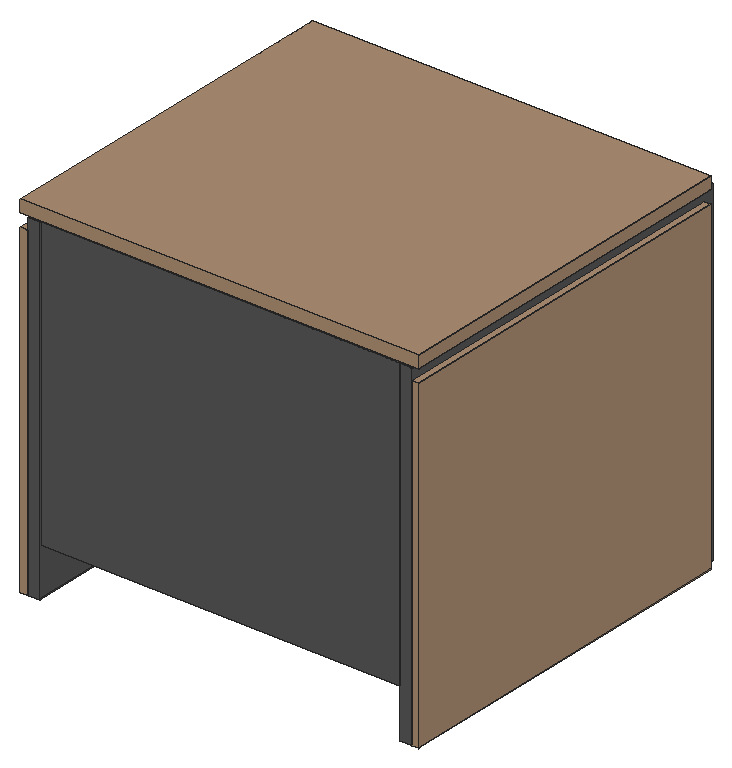
Revit family "Sanitary_Compound-Units_hansgrohe_54251XXX-Xilesa-E-Vanity-unit_530-470_1-drawer_wash-basin", category Furniture, host Face, Revit 2022
Family settings
  Host = Face
  OmniClass Number = 23.21.19.15.33.13
  OmniClass Title = Residential Bathroom Specialty Casework
  Cut with Voids When Loaded = No
  Render Appearance Source = Family Geometry
  Shared = No
  Room Calculation Point = No
Parameters (values of type "550 Cashmere Oak")
  Version = 1  # constant formula
  URL = "https://www.hansgrohe.com/"
  Product data url = "https://www.bimobject.com/en/hansgrohe/product/54251XXX"
  Product Page URL = "https://www.hansgrohe.com/articledetail--54251550"
  Model = "54251XXX"  # constant formula
  Material 3 = Hansgrohe - Metal - Black
  Material 2 = Hansgrohe - MDF - Matt Black
  Material 1 = Hansgrohe - MDF - 550 Cashmere Oak
  Manufacturer = "Hansgrohe"  # constant formula
  Height = 0 mm
  Description = "Xilesa E Vanity unit 530/470 with 1 drawer for wash basin"  # constant formula
  Default Elevation = 0 mm
  Date Updated = ""
  Date Created = "2024/02/03"  # constant formula
Types (5, lengths in mm): name | Material 1
  (no name) | Hansgrohe - MDF - 550 Cashmere Oak
  550 Cashmere Oak | Hansgrohe - MDF - 550 Cashmere Oak
  700 Matt White | Hansgrohe - MDF - 700 Matt White
  760 Slate Matt Grey | Hansgrohe - MDF - 760 Slate Matt Grey
  780 Sand Matt Beige | Hansgrohe - MDF - 780 Sand Matt Beige
Reference planes
  plane 1 "Center (Front/Back)": y = 0
  plane 2: z = 0
  plane 3 "Center (Left/Right)": x = 0
  plane 4: x = -265
  plane 5: y = -500
  plane 6: z = 468
  plane 7: x = 265
Dimensions and locks
  aligned and locked: plane 2 to host face
  aligned and locked: level to host face
Nested families
  nested 1: "54251XXX" at (0, -500, 0) x (1, 0, 0) z (0, 1, 0), Material 1 <- "Material 1", Material 2 <- "Material 2", Material 3 <- "Material 3", type "54251XXX"
    with Material 3 Hansgrohe - Metal - Black, Material 2 Hansgrohe - MDF - Matt Black, Material 1 Hansgrohe - MDF - 550 Cashmere Oak
Definition of nested family "54251XXX"
  Parameters (values of type "54251XXX")
    Version = 1  # constant formula
    URL = "https://www.hansgrohe.com/"
    Product data url = "https://www.bimobject.com/en/hansgrohe/product/54251XXX"
    Product Page URL = "https://www.hansgrohe.com/articledetail--54251550"
    Model = "54251XXX"  # constant formula
    Material 3 [instance] = none
    Material 2 [instance] = none
    Material 1 [instance] = none
    Manufacturer = "Hansgrohe"  # constant formula
    Description = "Xilesa E Vanity unit 530/470 with 1 drawer for wash basin"  # constant formula
    Default Elevation = 1219.2 mm
    Date Updated = ""
    Date Created = "2024/12/16"  # constant formula
  Reference planes
    plane 1 "Center (Front/Back)": y = 0
    plane 2: z = 0
    plane 3 "Center (Left/Right)": x = 0
  Forms (mm)
    Extrusion 1, solid, material <- "Material 1", detail levels medium+fine
      sketch origin (0, 0, 0) x (1, 0, 0) y (0, 1, 0)
        loop
          line (-255.6, 0) -> (-264.2, 0)
          arc (-264.2, 0) -> (-264.766, -0.234) -> (-265, -0.8) r 0.8
          line (-265, -0.8) -> (-265, -433.9)
          arc (-265, -433.9) -> (-264.766, -434.466) -> (-264.2, -434.7) r 0.8
          line (-264.2, -434.7) -> (-255.6, -434.7)
          arc (-255.6, -434.7) -> (-255.034, -434.466) -> (-254.8, -433.9) r 0.8
          line (-254.8, -433.9) -> (-254.8, -0.8)
          arc (-254.8, -0.8) -> (-255.034, -0.234) -> (-255.6, 0) r 0.8
        loop
          arc (255.6, 0) -> (255.034, -0.234) -> (254.8, -0.8) r 0.8
          line (254.8, -0.8) -> (254.8, -433.9)
          arc (254.8, -433.9) -> (255.034, -434.466) -> (255.6, -434.7) r 0.8
          line (255.6, -434.7) -> (264.2, -434.7)
          arc (264.2, -434.7) -> (264.766, -434.466) -> (265, -433.9) r 0.8
          line (265, -433.9) -> (265, -0.8)
          arc (265, -0.8) -> (264.766, -0.234) -> (264.2, 0) r 0.8
          line (264.2, 0) -> (255.6, 0)
      from 0 to 485
    Extrusion 2, solid, material <- "Material 1", detail levels medium+fine
      sketch origin (0, -90, 0) x (1, 0, 0) y (0, 1, 0)
        loop
          line (-264.2, -378) -> (264.2, -378)
          arc (264.2, -378) -> (264.766, -377.766) -> (265, -377.2) r 0.8
          line (265, -377.2) -> (265, -362.5)
          arc (265, -362.5) -> (264.766, -361.934) -> (264.2, -361.7) r 0.8
          line (264.2, -361.7) -> (-264.2, -361.7)
          arc (-264.2, -361.7) -> (-264.766, -361.934) -> (-265, -362.5) r 0.8
          line (-265, -362.5) -> (-265, -377.2)
          arc (-265, -377.2) -> (-264.766, -377.766) -> (-264.2, -378) r 0.8
      from 0 to 485
    Extrusion 3, solid, material <- "Material 2", detail levels medium+fine
      sketch origin (0, 0, 0) x (1, 0, 0) y (0, 1, 0)
        loop
          line (-254.8, -0.8) -> (-254.8, -448.9)
          arc (-254.8, -448.9) -> (-254.566, -449.466) -> (-254, -449.7) r 0.8
          line (-254, -449.7) -> (-239.6, -449.7)
          arc (-239.6, -449.7) -> (-239.034, -449.466) -> (-238.8, -448.9) r 0.8
          line (-238.8, -448.9) -> (-238.8, -0.8)
          arc (-238.8, -0.8) -> (-239.034, -0.234) -> (-239.6, 0) r 0.8
          line (-239.6, 0) -> (-254, 0)
          arc (-254, 0) -> (-254.566, -0.234) -> (-254.8, -0.8) r 0.8
        loop
          arc (254.8, -0.8) -> (254.566, -0.234) -> (254, 0) r 0.8
          line (254, 0) -> (239.6, 0)
          arc (239.6, 0) -> (239.034, -0.234) -> (238.8, -0.8) r 0.8
          line (238.8, -0.8) -> (238.8, -448.9)
          arc (238.8, -448.9) -> (239.034, -449.466) -> (239.6, -449.7) r 0.8
          line (239.6, -449.7) -> (254, -449.7)
          arc (254, -449.7) -> (254.566, -449.466) -> (254.8, -448.9) r 0.8
          line (254.8, -448.9) -> (254.8, -0.8)
      from 0 to 500
    Extrusion 4, solid, material <- "Material 2", detail levels fine
      sketch origin (0, 0, 0) x (1, 0, 0) y (0, 1, 0)
        loop
          line (-238.8, -65.2) -> (-238.8, -81.2) -> (238.8, -81.2) -> (238.8, -65.2) -> (-238.8, -65.2)
      from 17 to 125
    Extrusion 5, solid, material <- "Material 2", detail levels fine
      sketch origin (0, 0, 0) x (1, 0, 0) y (0, 1, 0)
        loop
          line (-238.8, -64.7) -> (-238.8, -449.7) -> (238.8, -449.7) -> (238.8, -64.7) -> (-238.8, -64.7)
      from 1 to 17
    Extrusion 6, solid, material <- "Material 3", detail levels fine
      sketch origin (0, -90, 0) x (1, 0, 0) y (0, 1, 0)
        loop
          line (-237.3, -356.9) -> (-237.3, -329.2) -> (-238.8, -329.2) -> (-238.8, -356.9)
          arc (-238.8, -356.9) -> (-238.126, -358.527) -> (-236.5, -359.2) r 2.3
          line (-236.5, -359.2) -> (236.5, -359.2)
          arc (236.5, -359.2) -> (238.126, -358.527) -> (238.8, -356.9) r 2.3
          line (238.8, -356.9) -> (238.8, -329.2) -> (237.3, -329.2) -> (237.3, -356.9)
          arc (237.3, -356.9) -> (237.066, -357.466) -> (236.5, -357.7) r 0.8
          line (236.5, -357.7) -> (-236.5, -357.7)
          arc (-236.5, -357.7) -> (-237.066, -357.466) -> (-237.3, -356.9) r 0.8
      from 449.5 to 499.5
    Extrusion 7, solid, material <- "Material 2", detail levels fine
      sketch origin (0, 0, 1) x (1, 0, 0) y (0, 0, 1)
        loop
          line (-172.898, 33.98) -> (172.898, 33.98) -> (197.898, 33.98) -> (197.898, 48.98) -> (-197.898, 48.98) -> (-197.898, 33.98) -> (-172.898, 33.98)
      from 108.7 to 451.7
    Extrusion 8, solid, material <- "Material 3", detail levels fine
      sketch origin (25, 0, 1) x (1, 0, 0) y (0, 0, 1)
        loop
          line (198.3, 213.03) -> (198.3, 231.03) -> (183.3, 231.03) -> (183.3, 224.03) -> (192.95, 224.03) -> (192.95, 213.03) -> (198.3, 213.03)
      from 88.7 to 362.7
    Extrusion 9, solid, material <- "Material 3", detail levels fine
      sketch origin (25, 0, 1) x (1, 0, 0) y (0, 0, 1)
        loop
          line (200.05, 211.28) -> (200.05, 232.78) -> (181.55, 232.78) -> (181.55, 211.28) -> (200.05, 211.28)
      from 451.7 to 362.7
    Extrusion 10, solid, material <- "Material 3", detail levels fine
      sketch origin (0, 0, 1) x (1, 0, 0) y (0, 0, 1)
        loop
          line (-217.5, 223.8) -> (-217.5, 113.608) -> (-223.2, 97.947) -> (-223.2, 48) -> (-194.9, 48) -> (-194.9, 223.8) -> (-217.5, 223.8)
        loop
          line (217.5, 223.8) -> (194.9, 223.8) -> (194.9, 48) -> (223.2, 48) -> (223.2, 97.947) -> (217.5, 113.608) -> (217.5, 223.8)
      from 91.9 to 109.4
    Extrusion 11, void
      sketch origin (0, 0, 1) x (1, 0, 0) y (0, 0, 1)
        loop
          line (-216.5, 222.8) -> (-216.5, 113.431) -> (-222.2, 97.771) -> (-222.2, 49) -> (-195.9, 49) -> (-195.9, 222.8) -> (-216.5, 222.8)
        loop
          line (216.5, 222.8) -> (195.9, 222.8) -> (195.9, 49) -> (222.2, 49) -> (222.2, 97.771) -> (216.5, 113.431) -> (216.5, 222.8)
      from 91.9 to 108.7
    Extrusion 12, solid, material <- "Material 2", detail levels fine
      sketch origin (0, 0, 1) x (0, 1, 0) y (0, 0, 1)
        loop
          line (-92.7, 32.5) -> (-92.7, 113.5)
          arc (-92.7, 113.5) -> (-92.847, 113.854) -> (-93.2, 114) r 0.5
          line (-93.2, 114) -> (-108.2, 114)
          arc (-108.2, 114) -> (-108.554, 113.854) -> (-108.7, 113.5) r 0.5
          line (-108.7, 113.5) -> (-108.7, 32.5)
          arc (-108.7, 32.5) -> (-108.554, 32.146) -> (-108.2, 32) r 0.5
          line (-108.2, 32) -> (-93.2, 32)
          arc (-93.2, 32) -> (-92.847, 32.146) -> (-92.7, 32.5) r 0.5
      from -195 to 195
    Extrusion 13, solid, material <- "Material 3", detail levels fine
      sketch origin (-25, 0, 1) x (-1, 0, 0) y (0, 0, -1)
        loop
          line (198.3, -213.03) -> (192.95, -213.03) -> (192.95, -224.03) -> (183.3, -224.03) -> (183.3, -231.03) -> (198.3, -231.03) -> (198.3, -213.03)
      from 88.7 to 362.7
    Extrusion 14, solid, material <- "Material 3", detail levels fine
      sketch origin (-25, 0, 1) x (-1, 0, 0) y (0, 0, -1)
        loop
          line (200.05, -211.28) -> (181.55, -211.28) -> (181.55, -232.78) -> (200.05, -232.78) -> (200.05, -211.28)
      from 451.7 to 362.7
    Extrusion 15, solid, material <- "Material 1", detail levels coarse
      sketch origin (0, 0, 0) x (1, 0, 0) y (0, 1, 0)
        loop
          line (-265, -468) -> (265, -468) -> (265, 0) -> (238.8, 0) -> (238.8, -451.7) -> (-238.8, -451.7) -> (-238.8, 0) -> (-265, 0) -> (-265, -468)
      from 0 to 500
    Extrusion 16, solid, material <- "Material 3", detail levels fine
      sketch origin (0, 0, 1) x (1, 0, 0) y (0, 0, 1)
        loop
          line (227.091, 33.98) -> (227.091, 115.48) -> (208.591, 115.48) -> (207.786, 100.114) -> (205.22, 99.98) -> (202.791, 53.623)
          arc (202.791, 53.623) -> (201.271, 50.325) -> (197.898, 48.98) r 4.9
          line (197.898, 48.98) -> (197.898, 33.98) -> (227.091, 33.98)
        loop
          line (-227.091, 33.98) -> (-197.898, 33.98) -> (-197.898, 48.98)
          arc (-197.898, 48.98) -> (-201.271, 50.325) -> (-202.791, 53.623) r 4.9
          line (-202.791, 53.623) -> (-205.22, 99.98) -> (-207.786, 100.114) -> (-208.591, 115.48) -> (-227.091, 115.48) -> (-227.091, 33.98)
      from 109.4 to 451.7
  Cuts and joins
    Extrusion 11 cuts Extrusion 10
  Lines and regions (mm)
    Masking region 1
      outline origin (0, 0, 0) x (1, 0, 0) y (0, 1, 0)
        loop
          line (-265, -0.8) -> (-265, -433.9)
          arc (-265, -433.9) -> (-264.766, -434.466) -> (-264.2, -434.7) r 0.8
          line (-264.2, -434.7) -> (-255.6, -434.7)
          arc (-255.6, -434.7) -> (-255.034, -434.466) -> (-254.8, -433.9) r 0.8
          line (-254.8, -433.9) -> (-254.8, -451.7) -> (-264.2, -451.7)
          arc (-264.2, -451.7) -> (-264.766, -451.934) -> (-265, -452.5) r 0.8
          line (-265, -452.5) -> (-265, -467.2)
          arc (-265, -467.2) -> (-264.766, -467.766) -> (-264.2, -468) r 0.8
          line (-264.2, -468) -> (0, -468) -> (264.2, -468)
          arc (264.2, -468) -> (264.766, -467.766) -> (265, -467.2) r 0.8
          line (265, -467.2) -> (265, -452.5)
          arc (265, -452.5) -> (264.766, -451.934) -> (264.2, -451.7) r 0.8
          line (264.2, -451.7) -> (254.8, -451.7) -> (254.8, -433.9)
          arc (254.8, -433.9) -> (255.034, -434.466) -> (255.6, -434.7) r 0.8
          line (255.6, -434.7) -> (264.2, -434.7)
          arc (264.2, -434.7) -> (264.766, -434.466) -> (265, -433.9) r 0.8
          line (265, -433.9) -> (265, -0.8)
          arc (265, -0.8) -> (264.766, -0.234) -> (264.2, 0) r 0.8
          line (264.2, 0) -> (255.6, 0)
          arc (255.6, 0) -> (255.034, -0.234) -> (254.8, -0.8) r 0.8
          arc (254.8, -0.8) -> (254.566, -0.234) -> (254, 0) r 0.8
          line (254, 0) -> (239.6, 0)
          arc (239.6, 0) -> (239.034, -0.234) -> (238.8, -0.8) r 0.8
          line (238.8, -0.8) -> (238.8, -65.2) -> (0, -65.2) -> (-238.8, -65.2) -> (-238.8, -0.8)
          arc (-238.8, -0.8) -> (-239.034, -0.234) -> (-239.6, 0) r 0.8
          line (-239.6, 0) -> (-254, 0)
          arc (-254, 0) -> (-254.566, -0.234) -> (-254.8, -0.8) r 0.8
          arc (-254.8, -0.8) -> (-255.034, -0.234) -> (-255.6, 0) r 0.8
          line (-255.6, 0) -> (-264.2, 0)
          arc (-264.2, 0) -> (-264.766, -0.234) -> (-265, -0.8) r 0.8
    Masking region 2
      outline origin (0, 0, 0) x (0, 1, 0) y (0, 0, 1)
        loop
          line (-449.7, 500) -> (-449.7, 233.78) -> (-451.7, 233.78) -> (-451.7, 485) -> (-468, 485) -> (-468, 0) -> (-451.7, 0) -> (-451.7, 34.98) -> (-449.7, 34.98) -> (-449.7, 0) -> (0, 0) -> (0, 500) -> (-449.7, 500)
    Masking region 3
      outline origin (0, 0, 0) x (1, 0, 0) y (0, 0, 1)
        loop
          line (-265, 485) -> (-265, 0) -> (0, 0) -> (265, 0) -> (265, 485) -> (254.8, 485) -> (254.8, 500) -> (0, 500) -> (-254.8, 500) -> (-254.8, 485) -> (-265, 485)
    symbolic lines, detail levels medium+fine
      curve 1: line (-254.8, -451.7, 0) -> (0, -451.7, 0)
      curve 2: line (-238.8, -65.2, 0) -> (-238.8, -451.7, 0)
      curve 3: line (-254.8, -0.8, 0) -> (-254.8, -433.9, 0)
      curve 4: line (-238.8, -81.2, 0) -> (0, -81.2, 0)
      curve 25: line (254.8, -451.7, 0) -> (0, -451.7, 0)
      curve 26: line (238.8, -65.2, 0) -> (238.8, -451.7, 0)
      curve 27: line (254.8, -0.8, 0) -> (254.8, -433.9, 0)
      curve 28: line (238.8, -81.2, 0) -> (0, -81.2, 0)
      curve 49: line (0, -451.7, 34.98) -> (0, -451.7, 233.78)
      curve 50: line (0, -449.7, 233.78) -> (0, -449.7, 34.98)
      curve 53: line (0, -451.7, 211.28) -> (0, -449.7, 211.28)
      curve 54: line (0, -451.7, 116.48) -> (0, -449.7, 116.48)
      curve 55: line (-254.8, 0, 485) -> (255.6, 0, 485)
      curve 56: line (-238.8, 0, 500) -> (-238.8, 0, 485)
      curve 57: line (238.8, 0, 500) -> (238.8, 0, 485)
    symbolic lines, detail levels fine
      curve 5: line (-227.091, -81.2, 0) -> (-227.091, -447.7, 0)
      curve 6: line (-205.22, -81.2, 0) -> (-205.22, -91.9, 0)
      curve 7: line (0, -91.9, 0) -> (-208.3, -91.9, 0)
      curve 8: line (-208.3, -109.4, 0) -> (0, -109.4, 0)
      curve 9: line (-223.3, -88.7, 0) -> (-223.3, -361.7, 0)
      curve 10: line (-208.3, -88.7, 0) -> (-223.3, -88.7, 0)
      curve 11: line (-225.05, -361.7, 0) -> (-225.05, -447.7, 0)
      curve 12: line (-225.05, -361.7, 0) -> (-206.55, -361.7, 0)
      curve 13: line (-206.55, -361.7, 0) -> (-206.55, -447.7, 0)
      curve 14: line (0, -447.7, 0) -> (-236.5, -447.7, 0)
      curve 15: arc (-236.5, -447.7, 0) -> (-237.066, -447.466, 0) -> (-237.3, -446.9, 0) r 0.8
      curve 16: line (-237.3, -446.9, 0) -> (-237.3, -419.2, 0)
      curve 17: line (-237.3, -419.2, 0) -> (-238.8, -419.2, 0)
      curve 18: arc (-238.8, -446.9, 0) -> (-238.126, -448.527, 0) -> (-236.5, -449.2, 0) r 2.3
      curve 19: line (-236.5, -449.2, 0) -> (0, -449.2, 0)
      curve 20: line (-227.091, -449.2, 0) -> (-227.091, -451.7, 0)
      curve 21: line (-225.05, -449.2, 0) -> (-225.05, -451.7, 0)
      curve 22: line (-208.3, -361.7, 0) -> (-208.3, -88.7, 0)
      curve 23: line (-206.55, -449.2, 0) -> (-206.55, -451.7, 0)
      curve 24: line (-205.22, -449.2, 0) -> (-205.22, -451.7, 0)
      curve 29: line (227.091, -81.2, 0) -> (227.091, -447.7, 0)
      curve 30: line (205.22, -81.2, 0) -> (205.22, -91.9, 0)
      curve 31: line (0, -91.9, 0) -> (208.3, -91.9, 0)
      curve 32: line (208.3, -109.4, 0) -> (0, -109.4, 0)
      curve 33: line (223.3, -88.7, 0) -> (223.3, -361.7, 0)
      curve 34: line (208.3, -88.7, 0) -> (223.3, -88.7, 0)
      curve 35: line (225.05, -361.7, 0) -> (225.05, -447.7, 0)
      curve 36: line (225.05, -361.7, 0) -> (206.55, -361.7, 0)
      curve 37: line (206.55, -361.7, 0) -> (206.55, -447.7, 0)
      curve 38: line (0, -447.7, 0) -> (236.5, -447.7, 0)
      curve 39: arc (236.5, -447.7, 0) -> (237.066, -447.466, 0) -> (237.3, -446.9, 0) r 0.8
      curve 40: line (237.3, -446.9, 0) -> (237.3, -419.2, 0)
      curve 41: line (237.3, -419.2, 0) -> (238.8, -419.2, 0)
      curve 42: arc (238.8, -446.9, 0) -> (238.126, -448.527, 0) -> (236.5, -449.2, 0) r 2.3
      curve 43: line (236.5, -449.2, 0) -> (0, -449.2, 0)
      curve 44: line (227.091, -449.2, 0) -> (227.091, -451.7, 0)
      curve 45: line (225.05, -449.2, 0) -> (225.05, -451.7, 0)
      curve 46: line (208.3, -361.7, 0) -> (208.3, -88.7, 0)
      curve 47: line (206.55, -449.2, 0) -> (206.55, -451.7, 0)
      curve 48: line (205.22, -449.2, 0) -> (205.22, -451.7, 0)
      curve 51: line (0, 0, 485) -> (0, -434.7, 485)
      curve 52: line (0, -434.7, 485) -> (0, -434.7, 0)
      curve 58: line (-205.22, -109.4, 0) -> (-205.22, -447.7, 0)
      curve 59: line (205.22, -109.4, 0) -> (205.22, -447.7, 0)
  Dimensions and locks
    aligned and locked: level to plane 2
